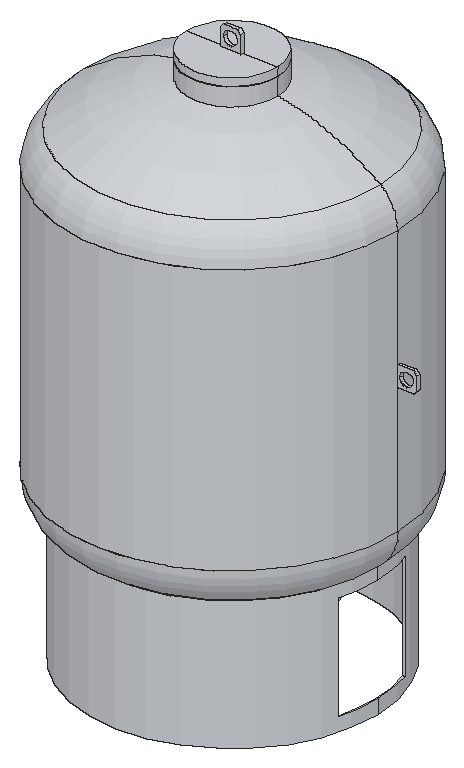
Revit family
Parameters (values of type "ST-456-C 125# W.P.")
  Weight = "1154 lbs"
  Tank Volume = "422 Gal"
  Tank Only = 63.125"
  Tank Height/Length = 78.875"
  Tank Diameter = "48"
  Pipe Connector Diameter = Pipe Connection Radius * 2  # 3.000"
  Pipe Connection Radius = 1.500"
  Model = "ST-456-C"
  Maximum Acceptance Volume = "274 Gal"
  Max Operating Temp = "240 Deg F"
  Max Operating Pressure = "125 PSI"
  Manufacturer = "Amtrol"
  Lifting Ring Location = Tank Only / 2  # 31.5625"
  Floor to Elbow Centerline = 7.125"
  Floor to Bottom of Tank = 12.500"
  Bladder/Diaphragm = "Bladder"
  ASME = yes
Types (9): name | Weight | Tank Volume | Tank Only | Tank Height/Length | Model | Maximum Acceptance Volume | Max Operating Pressure | Lifting Ring Location
  (no name) | "1154 lbs" | "422 Gal" | 63.125" | 78.875" | "ST-456-C" | "274 Gal" | "125 PSI" | 31.5625"
  ST-456-C 150# W.P. 10 BAR | "1418 lbs" | "422 Gal" | 63.125" | 78.875" | "ST-456-C" | "274 Gal" | "150 PSI" | 31.5625"
  ST-457-C 150# W.P. 10 BAR | "1676 lbs" | "528 Gal" | 78.500" | 94.250" | "ST-457-C" | "343 Gal" | "150 PSI" | 39.250"
  ST-456-C 125# W.P. | "1154 lbs" | "422 Gal" | 63.125" | 78.875" | "ST-456-C" | "274 Gal" | "125 PSI" | 31.5625"
  ST-456-C 175# W.P. | "1655 lbs" | "422 Gal" | 63.125" | 78.875" | "ST-456-C" | "274 Gal" | "175 PSI" | 31.5625"
  ST-456-C 250# W.P. | "1660 lbs" | "422 Gal" | 64.625" | 78.875" | "ST-456-C" | "274 Gal" | "175 PSI" | 32.3125"
  ST-457-C 125# W.P. | "1331 lbs" | "528 Gal" | 78.500" | 94.250" | "ST-457-C" | "343 Gal" | "125 PSI" | 39.250"
  ST-457-C 175# W.P. | "2169 lbs" | "528 Gal" | 78.500" | 94.250" | "ST-457-C" | "343 Gal" | "175 PSI" | 39.250"
  ST-457-C 250# W.P. | "2231 lbs" | "528 Gal" | 78.500" | 94.250" | "ST-457-C" | "343 Gal" | "250 PSI" | 39.250"
Reference planes (in)
  plane 1 "Center (Front/Back)": y = 0
  plane 2: z = 0
  plane 3 "Center (Left/Right)": x = 0
Forms (in)
  Revolve 1, solid
    sketch origin (0, 0, 0) x (1, 0, 0) y (0, 0, 1)
      loop
        arc (21.44792, 65.05553) -> (11.32825, 70.37355) -> (0, 71.90974) r 32.91716
        line (0, 71.90974) -> (0, 8.78474)
        arc (0, 8.78474) -> (11.37188, 10.40671) -> (21.49399, 15.83746) r 32.917
        arc (21.49399, 15.83746) -> (23.3404, 18.13371) -> (23.99993, 21.00548) r 6.582
        line (23.99993, 21.00548) -> (23.99993, 60.04693)
        arc (23.99993, 60.04693) -> (23.28548, 62.83736) -> (21.44792, 65.05553) r 6.58224
      axis (0, 8.78474) -> (0, 71.90974)
    angle from 0 to 360
  Revolve 2, solid
    sketch origin (0, 0, 0) x (1, 0, 0) y (0, 0, 1)
      loop
        line (0, 75.15974) -> (0, 71.40764) -> (6.625, 71.40764) -> (6.625, 73.90974) -> (0.95512, 73.90974) -> (0.95512, 74.03474) -> (6.625, 74.03474) -> (6.625, 75.15974) -> (0, 75.15974)
      axis (0, 71.40764) -> (0, 75.15974)
    angle from 0 to 360
  Revolve 3, solid
    sketch origin (0, 0, 0) x (1, 0, 0) y (0, 0, 1)
      loop
        line (14.4359, 8.05952) -> (14.33884, 8.42174) -> (13.97054, 8.32305) -> (13.87349, 8.68528) -> (14.24179, 8.78396) -> (14.14473, 9.14618) -> (12.69584, 8.75796) -> (12.04879, 11.17277) -> (9.27176, 10.42867) -> (10.20997, 6.92718) -> (14.4359, 8.05952)
      axis (10.20997, 6.92718) -> (9.27176, 10.42867)
    angle from 0 to 360
  Revolve 4, solid
    sketch origin (0, 0, 0) x (1, 0, 0) y (0, 0, 1)
      loop
        line (11.87266, 5.82482) -> (11.87266, 8.01263) -> (10.20997, 8.01263) -> (10.20997, 5.82482) -> (11.87266, 5.82482)
      axis (10.20997, 5.82482) -> (10.20997, 8.01263)
    angle from 0 to 360
  Revolve 5, solid
    sketch origin (0, 0, 0) x (1, 0, 0) y (0, 0, 1)
      loop
        line (-21, -3.71526) -> (-20.814, -3.71526) -> (-20.814, 16.03474) -> (-21, 16.03474) -> (-21, -3.71526)
      axis (0, -3.71526) -> (0, 16.03474)
    angle from 0 to 360
  Extrusion 6, void
    sketch origin (0, 0, 0) x (0, 1, 0) y (0, 0, 1)
      loop
        line (6, -1.71526) -> (6, 13.74272) -> (-6, 13.74272) -> (-6, -1.71526) -> (6, -1.71526)
    from 18.98012 to 36.62147
  Sweep 7, solid
    path origin (0, 0, 0) x (1, 0, 0) y (0, 0, 1)
      loop
        line (10.20997, 6.82974) -> (10.20997, 6.22574)
        arc (10.20997, 6.22574) -> (11.03476, 4.23453) -> (13.02597, 3.40974) r 2.816
        line (13.02597, 3.40974) -> (13.65097, 3.40974)
    profile origin (10.20997, 0, 6.52774) x (0, -1, 0) y (1, 0, 0)
      loop
        circle (0, 0) r 2
  Extrusion 8, void
    sketch origin (0, 0, 0) x (0, 1, 0) y (0, 0, 1)
      loop
        line (3, 13.74272) -> (-3, 13.74272) -> (-3, 6.99272) -> (3, 6.99272) -> (3, 13.74272)
    from -18.87223 to -29.70163
  Extrusion 9, solid
    sketch origin (0, 0, 0) x (1, 0, 0) y (0, 0, 1)
      loop
        line (-1, 78.15974) -> (-1.5, 77.65974) -> (-1.5, 74.90974) -> (1.5, 74.90974) -> (1.5, 77.65974) -> (1, 78.15974) -> (-1, 78.15974)
      loop
        circle (0, 76.65429) r 1.00526
    from -0.20691 to 0.25284
  Extrusion 10, solid
    sketch origin (0, 0, 0) x (1, 0, 0) y (0, 0, 1)
      loop
        line (23.90409, 42.82513) -> (23.90409, 39.81442) -> (26.40409, 39.81442) -> (26.90409, 40.31442) -> (26.90409, 42.31442) -> (26.39338, 42.82513) -> (23.90409, 42.82513)
      loop
        circle (25.44022, 41.32513) r 1
    from -0.23993 to 0.21563
Cuts and joins
  Extrusion 6, Extrusion 8 cuts Revolve 1
  Extrusion 6, Extrusion 8 cuts Revolve 3
  Extrusion 6, Extrusion 8 cuts Revolve 5
  Extrusion 8 cuts Revolve 4
Lines and regions (in)
  reference lines
    curve 1: line (0, 0, 8.76263) -> (0.5, 0, 8.76263)
Dimensions and locks (in)
  "Tank Only": Revolve 1 sketch curve to Revolve 1 sketch curve
  "Floor to Bottom of Tank": Revolve 1 sketch curve to level
  Revolve 1 sketch curve to Revolve 1 sketch curve = 26.33492"
  plane 3 "Center (Left/Right)" to Revolve 5 sketch curve = 21.000"
  "Floor to Elbow Centerline": Sweep 7 sketch curve to level
  Revolve 2 sketch curve to cut or joined group of Revolve 1, Extrusion 6, Extrusion 8 = 11.36071"
  Extrusion 9 sketch curve to Revolve 2 = 0.875"
  "Tank Height/Length": Revolve 2 sketch curve to level
  Extrusion 10 sketch curve to Extrusion 10 sketch curve = 1.500"
  "Lifting Ring Location": Extrusion 10 sketch curve to curve 1
  radius of Revolve 1 sketch curve = 32.91716"
  radius of Revolve 1 sketch curve = 6.58224"
  radius of Revolve 1 sketch curve = 6.582"
  radius of Revolve 1 sketch curve = 32.917"
Automatic sketch dimensions
  Revolve 1 sketch curve to plane 3 "Center (Left/Right)" = 0.000"  (x2)
  plane 3 "Center (Left/Right)" to Revolve 1 sketch curve = 1.10933"
  plane 3 "Center (Left/Right)" to Revolve 1 sketch curve = 1.30799"
  Revolve 1 sketch curve to Revolve 1 sketch curve = 6.57927"
  Revolve 1 sketch curve to Revolve 1 sketch curve = 2.55201"
  Revolve 1 sketch curve to Revolve 1 sketch curve = 2.50593"
  Revolve 1 sketch curve to Revolve 1 sketch curve = 0.000"
  Revolve 1 sketch curve to Revolve 1 sketch curve = 11.04666"
  plane 3 "Center (Left/Right)" to Revolve 3 sketch curve = 9.08209"
  Revolve 3 sketch curve to Revolve 3 sketch curve = 0.18966"
  Revolve 3 sketch curve to Revolve 3 sketch curve = 0.000"  (x2)
  Revolve 3 sketch curve to Revolve 3 sketch curve = 2.77704"
  Revolve 3 sketch curve to Revolve 3 sketch curve = 0.64705"
  Revolve 3 sketch curve to Revolve 3 sketch curve = 1.17765"
  Revolve 3 sketch curve to Revolve 3 sketch curve = 0.09706"  (x3)
  Revolve 3 sketch curve to Revolve 3 sketch curve = 0.27124"
  level to Revolve 3 sketch curve = 11.77478"
  Revolve 3 sketch curve to Revolve 3 sketch curve = 0.70783"
  level to Revolve 3 sketch curve = 10.64244"
  Revolve 3 sketch curve to Revolve 3 sketch curve = 2.48587"
  plane 3 "Center (Left/Right)" to Revolve 4 sketch curve = 10.20997"
  Revolve 4 sketch curve to Revolve 4 sketch curve = 0.000"  (x2)
  Revolve 4 sketch curve to Revolve 4 sketch curve = 1.66268"
  level to Revolve 4 sketch curve = 9.54007"
  Revolve 4 sketch curve to Revolve 4 sketch curve = 2.18782"
  Revolve 4 sketch curve to Revolve 4 sketch curve = 1.56218"
  Revolve 5 sketch curve to level = 0.000"  (x2)
  Revolve 5 sketch curve to plane 3 "Center (Left/Right)" = 0.000"
  Revolve 5 sketch curve to Revolve 5 sketch curve = 0.186"
  level to Revolve 5 sketch curve = 19.750"
  Revolve 5 sketch curve to Revolve 5 sketch curve = 12.250"
  level to Extrusion 6 sketch curve = 2.000"
  plane 1 "Center (Front/Back)" to Extrusion 6 sketch curve = 6.000"
  Extrusion 6 sketch curve to plane 1 "Center (Front/Back)" = 6.000"
  Extrusion 6 sketch curve to Extrusion 6 sketch curve = 15.45798"
  plane 3 "Center (Left/Right)" to Sweep 7 sketch curve = 10.20997"
  Sweep 7 sketch curve to Sweep 7 sketch curve = 2.816"
  Sweep 7 sketch curve to Sweep 7 sketch curve = 0.625"
  Sweep 7 sketch curve to Sweep 7 sketch curve = 0.604"
  plane 1 "Center (Front/Back)" to Sweep 7 sketch curve = 0.000"
  Sweep 7 sketch curve to profile plane = 0.000"
  plane 1 "Center (Front/Back)" to Extrusion 8 sketch curve = 3.000"
  Extrusion 8 sketch curve to plane 1 "Center (Front/Back)" = 3.000"
  level to Extrusion 8 sketch curve = 10.70798"
  Extrusion 8 sketch curve to Extrusion 8 sketch curve = 6.750"
  Revolve 2 sketch curve to plane 3 "Center (Left/Right)" = 0.000"  (x2)
  plane 3 "Center (Left/Right)" to Revolve 2 sketch curve = 0.95512"
  Revolve 2 sketch curve to Revolve 2 sketch curve = 5.66988"
  Revolve 2 sketch curve to Revolve 2 sketch curve = 0.000"  (x2)
  Revolve 2 sketch curve to Revolve 2 sketch curve = 0.125"
  Revolve 2 sketch curve to Revolve 2 sketch curve = 1.125"
  Revolve 2 sketch curve to Revolve 2 sketch curve = 3.82248"
  Extrusion 9 sketch curve to plane 3 "Center (Left/Right)" = 0.000"
  Extrusion 9 sketch curve to plane 3 "Center (Left/Right)" = 1.000"
  Extrusion 9 sketch curve to plane 3 "Center (Left/Right)" = 1.500"
  plane 3 "Center (Left/Right)" to Extrusion 9 sketch curve = 1.000"
  Extrusion 9 sketch curve to Extrusion 9 sketch curve = 0.500"  (x2)
  Extrusion 9 sketch curve to Extrusion 9 sketch curve = 1.74455"
  Extrusion 9 sketch curve to Extrusion 9 sketch curve = 1.00545"  (x2)
  plane 3 "Center (Left/Right)" to Extrusion 10 sketch curve = 23.90409"
  Extrusion 10 sketch curve to Extrusion 10 sketch curve = 1.53613"
  Extrusion 10 sketch curve to Extrusion 10 sketch curve = 0.95315"
  Extrusion 10 sketch curve to Extrusion 10 sketch curve = 0.96387"
  Extrusion 10 sketch curve to Extrusion 10 sketch curve = 0.51072"  (x2)
  Extrusion 10 sketch curve to Extrusion 10 sketch curve = 0.500"
  Extrusion 10 sketch curve to Extrusion 10 sketch curve = 1.01072"
  curve 1 to plane 3 "Center (Left/Right)" = 0.000"
  plane 3 "Center (Left/Right)" to curve 1 = 0.500"
  plane 2 to curve 1 = 8.76263"
  radius of Sweep 7 sketch curve = 2.000"
  radius of Extrusion 9 sketch curve = 1.00526"
  radius of Extrusion 10 sketch curve = 1.000"
Connectors (in)
  piping at (13.65097, 0, 3.40974), driven by "Pipe Connection Radius"
    settings: on Sweep 7, index 1
